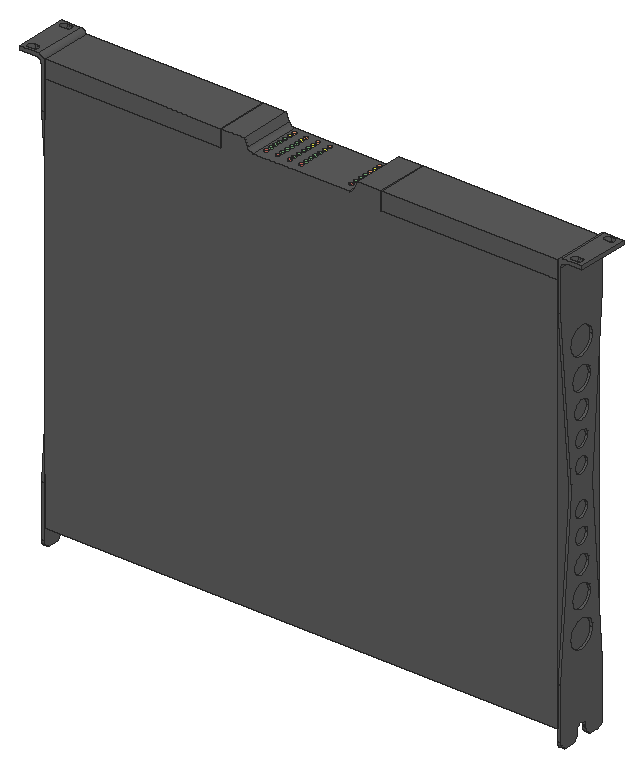
Revit family "Electronics_Community_Biamp_Dante-Amplified-Loudspeaker-Controllers_ALC-404D", category Communication Devices, host Face, Revit 2020
Family settings
  Host = Face
  Maintain Annotation Orientation = No
  Round Connector Dimension = Use Diameter
  Part Type = Normal
  OmniClass Number = 23.85.10.11.14
  OmniClass Title = Audio Equipment
  Cut with Voids When Loaded = No
  Shared = No
  Room Calculation Point = No
Parameters (values of type "ALC-404D")
  Width = 442 mm  # constant formula
  Weight = 16.0937 lbf  # constant formula
  Voltage = 240 V
  Version = 1
  URL = "https://www.biamp.com/"
  THD+N (from 0.1 W to Full Power) = "< 0.1% (typical < 0.05%)"  # constant formula
  Supported Topologies = "Star"  # constant formula
  Standards Compliance = "Auto-sensing Fast Ethernet (IEEE 802.3u, 100 Mbit/s)"  # constant formula
  Slew Rate = "> 50 V/ μs @ 8Ω, input flter bypassed"  # constant formula
  Signal-to-Noise Ratio 20 Hz- 20 kHz @ 8Ω = ">104 dB(A)"  # constant formula
  Shipping Weight = 24.9122 lbf  # constant formula
  Sample Rate Converter = "24-bit @ 44.1 kHz to 192 kHz 140 dB Dynamic Range - 0.0001 % THD+N"  # constant formula
  Remote Interface = "ArmoníaPlus® System Manager"  # constant formula
  Product data url = "https://bimobject.com/biamp/product/alc-404d_community-amplified-loudspeaker-controller"
  Product Page URL = "https://www.biamp.com/products/product-families/community/amplified-loudspeaker-controllers#alc-404d"
  Product Documentation Link = "https://downloads.biamp.com/assets/docs/default-source/data-sheets/biamp_data_sheet_community_alc_series_dec21.pdf"
  Power Factor = 1
  Output Channels = "4 Hi-Z or Lo-Z (bridgeable per ch. pair)"  # constant formula
  Operating Voltage = "60-264 V (with reduced power below 90 V)"  # constant formula
  Open control panel [instance] = not(Closed control panel)  # no
  Number of Poles = 1
  Nominal Voltage (± 10%) = "100-240 V @ 50-60Hz"  # constant formula
  Model = "ALC-404D"  # constant formula
  Memory/Presets = "128 MB (RAM) plus 512 MB fash for presets"  # constant formula
  Maximum Input Level = "20 dBu"  # constant formula
  Max Power Consumption = 251 W
  Manufacturer = "Biamp"  # constant formula
  Limiters = "TruePower™, RMS voltage,RMS current, Peak limiter"  # constant formula
  Latency = "2.5 ms fxed latency architecture"  # constant formula
  Internal Precision = "32-bit foating point"  # constant formula
  Input Sens @8Ω = "26 dB - 2.48, 29 dB - 1.76; 32 dB - 1.24; 35 dB - 0.88"  # constant formula
  Input Impedance = "20 kΩ balanced"  # constant formula
  Input Channels = "Analog - 4;Dante - 4"  # constant formula
  IMD (from 0.1 W to Full Power) = "< 0.05%"  # constant formula
  Housing Material = Biamp - Metal - Black
  Height = 44 mm  # constant formula
  Frequency Response = "20 Hz - 20 kHz ±0.5 dB, 1 W @ 8Ω"  # constant formula
  Equalizer = "Raised-cosine, custom FIR, parametric IIR:peaking, hi/lo-shelving, all-pass, band-pass, band-stop, hi/lo-pass"  # constant formula
  Description = "Amplified Loudspeaker Controllers 4-Channel Units With DSP And Dante®"  # constant formula
  Depth = 373 mm  # constant formula
  Delay = "2 s (input) + 100 ms (output) for signal alignment"  # constant formula
  Date Updated = ""
  Date Created = "2023/08/21"
  Damping Factor = "> 500 @ 8Ω, 20 Hz - 100 Hz"  # constant formula
  Damping Control = "Active DampingControl™ and LiveImpedance™ measurement"  # constant formula
  DA Converters = "24-bit Tandem™ @ 48 kHz 117 dB(A) Dynamic Range - 0.003 % THD+N"  # constant formula
  Crosstalk (1 kHz) = " -70 dB"  # constant formula
  Crossover = "Linear phase (FIR), Butterworth, Linkwitz-Riley, Bessel: 6 dB/oct to 48 dB/oct (IIR)"  # constant formula
  Connector Description = "100-240 VAC, 50/60 Hz"  # constant formula
  Closed control panel [instance] = yes
  Default Elevation = 1219.2 mm
  Apparent Load = Max Power Consumption / Power Factor  # 251 VA
  Ambient Relative Humidity = "0-95% (non-condensing)"  # constant formula
  Ambient Operating Temperature = "0° - 45° C;  32° - 113° F"  # constant formula
  AD Converters = "24-bit Tandem™ @ 48 kHz 125 dB(A) Dynamic Range - 0.005 % THD+N"  # constant formula
  AC Mains Connector = "IEC C20 inlet (20 A max) Region-specifc power cord provided"  # constant formula
Reference planes
  plane 1 "Center (Front/Back)": y = 0
  plane 2: z = 0
  plane 3 "Center (Left/Right)": x = 0
Forms (mm)
  Extrusion 1, solid, material "Biamp - Metal - Black" <- "Housing Material", detail levels coarse
    sketch origin (13.283, -17.315, 0) x (1, 0, 0) y (0, 0, 1)
      loop
        line (-3, 0) -> (-3, -373) -> (0, -373) -> (0, 3) -> (-21, 3) -> (-21, 0) -> (-3, 0)
      loop
        line (439, 0) -> (457, 0) -> (457, 3) -> (436, 3) -> (436, -373) -> (439, -373) -> (439, 0)
    from -22 to 22
  Extrusion 2, void
    sketch origin (13.283, -17.315, 0) x (1, 0, 0) y (0, 1, 0)
      loop
        arc (-15.029, 20.217) -> (-17.932, 17.315) -> (-15.029, 14.412) r 2.903
        line (-15.029, 14.412) -> (-11.537, 14.412)
        arc (-11.537, 14.412) -> (-8.634, 17.315) -> (-11.537, 20.217) r 2.903
        line (-11.537, 20.217) -> (-15.029, 20.217)
      loop
        line (-15.029, -20.217) -> (-11.537, -20.217)
        arc (-11.537, -20.217) -> (-8.634, -17.315) -> (-11.537, -14.412) r 2.903
        line (-11.537, -14.412) -> (-15.029, -14.412)
        arc (-15.029, -14.412) -> (-17.932, -17.315) -> (-15.029, -20.217) r 2.903
      loop
        line (451.029, 20.217) -> (447.537, 20.217)
        arc (447.537, 20.217) -> (444.634, 17.315) -> (447.537, 14.412) r 2.903
        line (447.537, 14.412) -> (451.029, 14.412)
        arc (451.029, 14.412) -> (453.932, 17.315) -> (451.029, 20.217) r 2.903
      loop
        arc (451.029, -20.217) -> (453.932, -17.315) -> (451.029, -14.412) r 2.903
        line (451.029, -14.412) -> (447.537, -14.412)
        arc (447.537, -14.412) -> (444.634, -17.315) -> (447.537, -20.217) r 2.903
        line (447.537, -20.217) -> (451.029, -20.217)
    from -10.498 to 3
  Extrusion 3, solid, material "Biamp - Metal - Black" <- "Housing Material", detail levels medium+fine
    sketch origin (13.283, -17.315, 0) x (1, 0, 0) y (0, 0, 1)
      loop
        line (-3, -5) -> (-3, -373) -> (0, -373) -> (0, -2)
        arc (0, -2) -> (-1.464, 1.536) -> (-5, 3) r 5
        line (-5, 3) -> (-21, 3) -> (-21, 0) -> (-8, 0)
        arc (-8, 0) -> (-4.464, -1.464) -> (-3, -5) r 5
      loop
        arc (439, -5) -> (440.464, -1.464) -> (444, 0) r 5
        line (444, 0) -> (457, 0) -> (457, 3) -> (441, 3)
        arc (441, 3) -> (437.464, 1.536) -> (436, -2) r 5
        line (436, -2) -> (436, -373) -> (439, -373) -> (439, -5)
    from -22 to 22
  Extrusion 4, void
    sketch origin (0, 0, 0) x (0, 1, 0) y (0, 0, 1)
      loop
        arc (4.685, -40) -> (-6.911, -181.5) -> (4.685, -323) r 869.15
        line (4.685, -323) -> (4.685, -40)
      loop
        line (-39.315, -40) -> (-39.315, -323)
        arc (-39.315, -323) -> (-27.719, -181.5) -> (-39.315, -40) r 869.15
      loop
        circle (-17.315, -164.722) r 7
      loop
        circle (-17.315, -144.465) r 7
      loop
        circle (-17.315, -122.509) r 8
      loop
        circle (-17.315, -98.493) r 10
      loop
        circle (-17.315, -69.752) r 12
      loop
        circle (-17.315, -198.278) r 7
      loop
        circle (-17.315, -218.535) r 7
      loop
        circle (-17.315, -240.491) r 8
      loop
        circle (-17.315, -264.507) r 10
      loop
        circle (-17.315, -293.248) r 12
      loop
        arc (-33.315, -373) -> (-37.558, -371.243) -> (-39.315, -367) r 6
        line (-39.315, -367) -> (-39.315, -375.253) -> (4.685, -375.253) -> (4.685, -367)
        arc (4.685, -367) -> (2.928, -371.243) -> (-1.315, -373) r 6
        line (-1.315, -373) -> (-6.315, -373)
        arc (-6.315, -373) -> (-10.558, -371.243) -> (-12.315, -367) r 6
        line (-12.315, -367) -> (-12.315, -365.5)
        arc (-12.315, -365.5) -> (-17.315, -360.5) -> (-22.315, -365.5) r 5
        line (-22.315, -365.5) -> (-22.315, -367)
        arc (-22.315, -367) -> (-24.072, -371.243) -> (-28.315, -373) r 6
        line (-28.315, -373) -> (-33.315, -373)
    from 0 to 452.283
  Extrusion 5, solid, material "Biamp - Metal - Black" <- "Housing Material"
    sketch origin (0, 0, 0) x (1, 0, 0) y (0, 0, 1)
      loop
        line (13.283, -15) -> (13.283, -357) -> (449.283, -357) -> (449.283, -15) -> (299.283, -15) -> (299.283, 0) -> (279.283, 0) -> (276.679, -6.444)
        arc (276.679, -6.444) -> (274.839, -8.716) -> (272.043, -9.571) r 5
        line (272.043, -9.571) -> (190.522, -9.571)
        arc (190.522, -9.571) -> (187.727, -8.716) -> (185.887, -6.444) r 5
        line (185.887, -6.444) -> (183.283, 0) -> (163.283, 0) -> (163.283, -15) -> (13.283, -15)
    from -4.685 to 39.315
  Extrusion 6, void
    sketch origin (0, 0, 0) x (1, 0, 0) y (0, 0, 1)
      loop
        line (13.283, -15) -> (13.283, -23.75) -> (49.418, -23.75)
        arc (49.418, -23.75) -> (57.218, -21.357) -> (62.334, -15) r 13.908
        line (62.334, -15) -> (13.283, -15)
    from 2.903 to 31.727
  Extrusion 7, solid, material "Biamp - Metal - Black" <- "Housing Material"
    sketch origin (449.283, -17.315, 3) x (0, 0, -1) y (0, -1, 0)
      loop
        line (18, -22) -> (18, -21) -> (4, -21) -> (4, 21) -> (18, 21) -> (18, 22) -> (3, 22) -> (3, -22) -> (18, -22)
    from 0 to 150
  Extrusion 8, void
    sketch origin (13.283, 0, -23.75) x (1, 0, 0) y (0, 1, 0)
      loop
        line (19.04, -19.656) -> (19.04, -27.656) -> (31.04, -27.656) -> (31.04, -19.656) -> (19.04, -19.656)
    from -3.386 to 0
  Extrusion 9, solid, material "Biamp - Metal - Black" <- "Housing Material", visible <- "Closed control panel"
    sketch origin (13.283, -17.315, 3) x (0, 0, -1) y (0, 1, 0)
      loop
        line (18, 22) -> (3, 22) -> (3, -22) -> (18, -22) -> (18, -21) -> (4, -21) -> (4, 21) -> (18, 21) -> (18, 22)
    from 0 to 150
  Extrusion 10, solid, material "Biamp - Plastic - Blue"
    sketch origin (18.908, 0, -15) x (1, 0, 0) y (0, 1, 0)
      loop
        circle (68.38, -26.221) r 5
      loop
        circle (82.13, -26.221) r 5
      loop
        circle (95.88, -26.221) r 5
      loop
        circle (109.63, -26.221) r 5
    from -1.651 to 1
  Extrusion 11, void
    sketch origin (93.283, 0, -357) x (0, 1, 0) y (1, 0, 0)
      loop
        line (-8.944, 340.535) -> (-25.686, 340.535)
        arc (-25.686, 340.535) -> (-29.221, 339.07) -> (-30.686, 335.535) r 5
        line (-30.686, 335.535) -> (-30.686, 313.66)
        arc (-30.686, 313.66) -> (-29.221, 310.124) -> (-25.686, 308.66) r 5
        line (-25.686, 308.66) -> (-8.944, 308.66)
        arc (-8.944, 308.66) -> (-5.408, 310.124) -> (-3.944, 313.66) r 5
        line (-3.944, 313.66) -> (-3.944, 335.535)
        arc (-3.944, 335.535) -> (-5.408, 339.07) -> (-8.944, 340.535) r 5
      loop
        line (-19.863, -58.78) -> (-19.863, -38.78) -> (-34.863, -38.78) -> (-34.863, -58.78) -> (-19.863, -58.78)
      loop
        line (-19.863, -24.895) -> (-19.863, -4.895) -> (-34.863, -4.895) -> (-34.863, -24.895) -> (-19.863, -24.895)
      loop
        line (-11.738, 53.136) -> (-11.738, 24.636)
        arc (-11.738, 24.636) -> (-12.324, 23.222) -> (-13.738, 22.636) r 2
        line (-13.738, 22.636) -> (-25.757, 22.636)
        arc (-25.757, 22.636) -> (-27.171, 23.222) -> (-27.757, 24.636) r 2
        line (-27.757, 24.636) -> (-27.757, 53.136)
        arc (-27.757, 53.136) -> (-27.171, 54.55) -> (-25.757, 55.136) r 2
        line (-25.757, 55.136) -> (-13.813, 55.136)
        arc (-13.813, 55.136) -> (-12.399, 54.55) -> (-11.813, 53.136) r 2
      loop
        line (-21.752, 162.208) -> (-21.752, 133.708)
        arc (-21.752, 133.708) -> (-22.337, 132.294) -> (-23.752, 131.708) r 2
        line (-23.752, 131.708) -> (-33.895, 131.708)
        arc (-33.895, 131.708) -> (-35.31, 132.294) -> (-35.895, 133.708) r 2
        line (-35.895, 133.708) -> (-35.895, 162.208)
        arc (-35.895, 162.208) -> (-35.31, 163.622) -> (-33.895, 164.208) r 2
        line (-33.895, 164.208) -> (-23.826, 164.208)
        arc (-23.826, 164.208) -> (-22.412, 163.622) -> (-21.826, 162.208) r 2
      loop
        line (-21.752, 170.026) -> (-21.752, 198.526)
        arc (-21.752, 198.526) -> (-22.337, 199.94) -> (-23.752, 200.526) r 2
        line (-23.752, 200.526) -> (-33.895, 200.526)
        arc (-33.895, 200.526) -> (-35.31, 199.94) -> (-35.895, 198.526) r 2
        line (-35.895, 198.526) -> (-35.895, 170.026)
        arc (-35.895, 170.026) -> (-35.31, 168.612) -> (-33.895, 168.026) r 2
        line (-33.895, 168.026) -> (-23.826, 168.026)
        arc (-23.826, 168.026) -> (-22.412, 168.612) -> (-21.826, 170.026) r 2
    from -7.387 to 0
  Sweep 12, solid, material "Biamp - Plastic - Blue"
    path in 3D
      loop
        arc (433.818, -25.686, -349.613) -> (432.353, -29.221, -349.613) -> (428.818, -30.686, -349.613) r 5
        line (428.818, -30.686, -349.613) -> (406.943, -30.686, -349.613)
        arc (406.943, -30.686, -349.613) -> (403.407, -29.221, -349.613) -> (401.943, -25.686, -349.613) r 5
        line (401.943, -25.686, -349.613) -> (401.943, -8.944, -349.613)
        arc (401.943, -8.944, -349.613) -> (403.407, -5.408, -349.613) -> (406.943, -3.944, -349.613) r 5
        line (406.943, -3.944, -349.613) -> (428.818, -3.944, -349.613)
        arc (428.818, -3.944, -349.613) -> (432.353, -5.408, -349.613) -> (433.818, -8.944, -349.613) r 5
        line (433.818, -8.944, -349.613) -> (433.818, -25.686, -349.613)
    profile origin (433.818, -17.315, -349.613) x (-1, 0, 0) y (0, 0, -1)
      loop
        line (0, 0) -> (0.894, 0) -> (0.894, 9.233) -> (-0.711, 9.233)
        arc (-0.711, 9.233) -> (-1.86, 8.654) -> (-2.078, 7.387) r 1.429
        line (-2.078, 7.387) -> (0, 7.387) -> (0, 0)
  Extrusion 13, solid, material "Biamp - Plastic - Green"
    sketch origin (93.283, 0, -357) x (0, 1, 0) y (1, 0, 0)
      loop
        line (-8.613, -58.78) -> (-1.039, -58.78) -> (-1.039, -31.838) -> (-8.613, -31.838) -> (-8.613, -58.78)
    from 0 to 3
  Extrusion 14, solid, material "Biamp - Plastic - Green"
    sketch origin (29.608, 0, -357) x (0, -1, 0) y (-1, 0, 0)
      loop
        line (8.613, -58.78) -> (8.613, -31.838) -> (1.039, -31.838) -> (1.039, -58.78) -> (8.613, -58.78)
    from 0 to 3
  Extrusion 15, solid, material "Biamp - Plastic - Green"
    sketch origin (87.446, 0, -357) x (0, -1, 0) y (-1, 0, 0)
      loop
        line (8.613, -54.585) -> (8.613, -34.86) -> (1.039, -34.86) -> (1.039, -54.585) -> (8.613, -54.585)
    from 0 to 3
  Extrusion 16, solid, material "Biamp - Plastic - Green"
    sketch origin (127.496, -5.13, -357) x (0, -1, 0) y (-1, 0, 0)
      loop
        line (8.613, -58.78) -> (8.613, -31.838) -> (1.039, -31.838) -> (1.039, -58.78) -> (8.613, -58.78)
    from 0 to 3
  Extrusion 17, solid, material "Biamp - Plastic - Green"
    sketch origin (127.496, -20.13, -357) x (0, -1, 0) y (-1, 0, 0)
      loop
        line (8.613, -58.78) -> (8.613, -31.838) -> (1.039, -31.838) -> (1.039, -58.78) -> (8.613, -58.78)
    from 0 to 3
  Extrusion 18, solid, material "Biamp - Plastic - Green"
    sketch origin (154.438, -5.13, -357) x (0, -1, 0) y (-1, 0, 0)
      loop
        line (8.613, -58.78) -> (8.613, -31.838) -> (1.039, -31.838) -> (1.039, -58.78) -> (8.613, -58.78)
    from 0 to 3
  Extrusion 19, solid, material "Biamp - Plastic - Green"
    sketch origin (154.438, -20.13, -357) x (0, -1, 0) y (-1, 0, 0)
      loop
        line (8.613, -58.78) -> (8.613, -31.838) -> (1.039, -31.838) -> (1.039, -58.78) -> (8.613, -58.78)
    from 0 to 3
  Extrusion 20, solid, material "Biamp - Plastic - Green"
    sketch origin (191.245, -2.513, -357) x (0, -1, 0) y (-1, 0, 0)
      loop
        line (14.863, -68.155) -> (14.863, -31.838) -> (1.039, -31.838) -> (1.039, -68.155) -> (14.863, -68.155)
    from 0 to 3
  Extrusion 21, solid, material "Biamp - Plastic - Green"
    sketch origin (227.562, -2.513, -357) x (0, -1, 0) y (-1, 0, 0)
      loop
        line (14.863, -68.155) -> (14.863, -31.838) -> (1.039, -31.838) -> (1.039, -68.155) -> (14.863, -68.155)
    from 0 to 3
  Extrusion 22, void
    sketch origin (319.472, -15.155, -357) x (0, -1, 0) y (-1, 0, 0)
      loop
        line (19.863, -65.155) -> (19.863, -55.655) -> (5.951, -55.655) -> (5.951, -68.155) -> (16.863, -68.155)
        arc (16.863, -68.155) -> (18.985, -67.276) -> (19.863, -65.155) r 3
      loop
        line (-5.961, -68.155) -> (4.951, -68.155) -> (4.951, -55.655) -> (-8.961, -55.655) -> (-8.961, -65.155)
        arc (-8.961, -65.155) -> (-8.082, -67.276) -> (-5.961, -68.155) r 3
      loop
        line (-8.961, -6.155) -> (-8.961, -15.655) -> (4.951, -15.655) -> (4.951, -3.155) -> (-5.961, -3.155)
        arc (-5.961, -3.155) -> (-8.082, -4.034) -> (-8.961, -6.155) r 3
      loop
        line (16.863, -3.155) -> (5.951, -3.155) -> (5.951, -15.655) -> (19.863, -15.655) -> (19.863, -6.155)
        arc (19.863, -6.155) -> (18.985, -4.034) -> (16.863, -3.155) r 3
      loop
        line (19.863, -54.655) -> (19.863, -42.655) -> (5.951, -42.655) -> (5.951, -54.655) -> (19.863, -54.655)
      loop
        line (19.863, -41.655) -> (19.863, -29.655) -> (5.951, -29.655) -> (5.951, -41.655) -> (19.863, -41.655)
      loop
        line (19.863, -28.655) -> (19.863, -16.655) -> (5.951, -16.655) -> (5.951, -28.655) -> (19.863, -28.655)
      loop
        line (4.951, -54.655) -> (4.951, -42.655) -> (-8.961, -42.655) -> (-8.961, -54.655) -> (4.951, -54.655)
      loop
        line (4.951, -41.655) -> (4.951, -29.655) -> (-8.961, -29.655) -> (-8.961, -41.655) -> (4.951, -41.655)
      loop
        line (4.951, -28.655) -> (4.951, -16.655) -> (-8.961, -16.655) -> (-8.961, -28.655) -> (4.951, -28.655)
    from -23.564 to 2
  Extrusion 23, void
    sketch origin (18.908, 0, -15) x (1, 0, 0) y (0, 1, 0)
      loop
        circle (68.38, -26.221) r 5.2
      loop
        circle (82.13, -26.221) r 5.2
      loop
        circle (95.88, -26.221) r 5.2
      loop
        circle (109.63, -26.221) r 5.2
    from -1.651 to 2
  Extrusion 24, solid, material "Biamp - Plastic - White"
    sketch origin (93.283, 0, -349.613) x (-1, 0, 0) y (0, 1, 0)
      loop
        arc (-49.948, -21.57) -> (-49.655, -22.277) -> (-48.948, -22.57) r 1
        line (-48.948, -22.57) -> (-28.823, -22.57)
        arc (-28.823, -22.57) -> (-28.116, -22.277) -> (-27.823, -21.57) r 1
        line (-27.823, -21.57) -> (-27.823, -17.926)
        arc (-27.823, -17.926) -> (-28.116, -17.219) -> (-28.823, -16.926) r 1
        line (-28.823, -16.926) -> (-48.948, -16.926)
        arc (-48.948, -16.926) -> (-49.655, -17.219) -> (-49.948, -17.926) r 1
        line (-49.948, -17.926) -> (-49.948, -21.57)
      loop
        arc (-159.021, -30.645) -> (-158.728, -31.353) -> (-158.021, -31.645) r 1
        line (-158.021, -31.645) -> (-137.896, -31.645)
        arc (-137.896, -31.645) -> (-137.189, -31.353) -> (-136.896, -30.645) r 1
        line (-136.896, -30.645) -> (-136.896, -27.002)
        arc (-136.896, -27.002) -> (-137.189, -26.295) -> (-137.896, -26.002) r 1
        line (-137.896, -26.002) -> (-158.021, -26.002)
        arc (-158.021, -26.002) -> (-158.728, -26.295) -> (-159.021, -27.002) r 1
        line (-159.021, -27.002) -> (-159.021, -30.645)
      loop
        arc (-195.338, -30.645) -> (-195.045, -31.353) -> (-194.338, -31.645) r 1
        line (-194.338, -31.645) -> (-174.213, -31.645)
        arc (-174.213, -31.645) -> (-173.506, -31.353) -> (-173.213, -30.645) r 1
        line (-173.213, -30.645) -> (-173.213, -27.002)
        arc (-173.213, -27.002) -> (-173.506, -26.295) -> (-174.213, -26.002) r 1
        line (-174.213, -26.002) -> (-194.338, -26.002)
        arc (-194.338, -26.002) -> (-195.045, -26.295) -> (-195.338, -27.002) r 1
        line (-195.338, -27.002) -> (-195.338, -30.645)
    from 0 to 2.226
  Extrusion 25, solid, material "Biamp - Plastic - Orange", detail levels medium+fine
    sketch origin (190.354, 3.125, -9.571) x (1, 0, 0) y (0, 1, 0)
      loop
        circle (4.333, -3.944) r 1.5
      loop
        circle (14.333, -3.944) r 1.5
      loop
        circle (24.333, -3.944) r 1.5
      loop
        circle (34.333, -3.944) r 1.5
    from 0 to 0.3
  Extrusion 26, solid, material "Biamp - Plastic - Yellow", detail levels medium+fine
    sketch origin (190.354, -1.875, -9.571) x (1, 0, 0) y (0, 1, 0)
      loop
        circle (4.333, -3.944) r 1.5
      loop
        circle (14.333, -3.944) r 1.5
      loop
        circle (24.333, -3.944) r 1.5
      loop
        circle (34.333, -3.944) r 1.5
    from 0 to 0.3
  Extrusion 27, solid, material "Biamp - Plastic - Green", detail levels medium+fine
    sketch origin (190.354, -6.875, -9.571) x (1, 0, 0) y (0, 1, 0)
      loop
        circle (4.333, -3.944) r 1.5
      loop
        circle (14.333, -3.944) r 1.5
      loop
        circle (24.333, -3.944) r 1.5
      loop
        circle (34.333, -3.944) r 1.5
    from 0 to 0.3
  Extrusion 28, solid, material "Biamp - Plastic - Green", detail levels medium+fine
    sketch origin (190.354, -11.875, -9.571) x (1, 0, 0) y (0, 1, 0)
      loop
        circle (4.333, -3.944) r 1.5
      loop
        circle (14.333, -3.944) r 1.5
      loop
        circle (24.333, -3.944) r 1.5
      loop
        circle (34.333, -3.944) r 1.5
    from 0 to 0.3
  Extrusion 29, solid, material "Biamp - Plastic - Green", detail levels medium+fine
    sketch origin (190.354, -16.875, -9.571) x (1, 0, 0) y (0, 1, 0)
      loop
        circle (4.333, -3.944) r 1.5
      loop
        circle (14.333, -3.944) r 1.5
      loop
        circle (24.333, -3.944) r 1.5
      loop
        circle (34.333, -3.944) r 1.5
    from 0 to 0.3
  Extrusion 30, solid, material "Biamp - Plastic - Green", detail levels medium+fine
    sketch origin (190.354, -21.875, -9.571) x (1, 0, 0) y (0, 1, 0)
      loop
        circle (4.333, -3.944) r 1.5
      loop
        circle (14.333, -3.944) r 1.5
      loop
        circle (24.333, -3.944) r 1.5
      loop
        circle (34.333, -3.944) r 1.5
    from 0 to 0.3
  Extrusion 31, solid, material "Biamp - Plastic - Red", detail levels medium+fine
    sketch origin (190.354, -26.875, -9.571) x (1, 0, 0) y (0, 1, 0)
      loop
        circle (4.333, -3.944) r 1.5
      loop
        circle (14.333, -3.944) r 1.5
      loop
        circle (24.333, -3.944) r 1.5
      loop
        circle (34.333, -3.944) r 1.5
    from 0 to 0.3
  Extrusion 32, solid, material "Biamp - Plastic - Green", detail levels medium+fine
    sketch origin (190.354, 3.125, -9.571) x (1, 0, 0) y (0, 1, 0)
      loop
        circle (76.833, -18.944) r 1.5
      loop
        circle (76.833, -23.944) r 1.5
      loop
        circle (76.833, -28.944) r 1.5
    from 0 to 0.3
  Extrusion 33, solid, material "Biamp - Plastic - Orange", detail levels medium+fine
    sketch origin (190.354, 3.125, -9.571) x (1, 0, 0) y (0, 1, 0)
      loop
        circle (76.833, -3.944) r 1.5
      loop
        circle (76.833, -13.944) r 1.5
    from 0 to 0.3
  Extrusion 34, solid, material "Biamp - Plastic - Yellow", detail levels medium+fine
    sketch origin (190.354, 3.125, -9.571) x (1, 0, 0) y (0, 1, 0)
      loop
        circle (76.833, -8.944) r 1.5
    from 0 to 0.3
  Extrusion 35, solid, material "Biamp - Plastic - Red", detail levels medium+fine
    sketch origin (190.354, 3.125, -9.571) x (1, 0, 0) y (0, 1, 0)
      loop
        circle (76.833, -33.944) r 1.5
    from 0 to 0.3
Cuts and joins
  Extrusion 2 cuts Extrusion 1
  Extrusion 2, Extrusion 4 cuts Extrusion 3
  Extrusion 6, Extrusion 8, Extrusion 11, Extrusion 22, Extrusion 23 cuts Extrusion 5
Lines and regions (mm)
  Masking region 1
    outline origin (0, 0, 0) x (1, 0, 0) y (0, 1, 0)
      loop
        line (-7.717, 4.685) -> (-7.717, -39.315) -> (13.283, -39.315) -> (13.283, 4.685) -> (-7.717, 4.685)
      loop
        line (1.746, 2.903) -> (-1.746, 2.903)
        arc (-1.746, 2.903) -> (-4.649, 0) -> (-1.746, -2.903) r 2.903
        line (-1.746, -2.903) -> (1.746, -2.903)
        arc (1.746, -2.903) -> (4.649, 0) -> (1.746, 2.903) r 2.903
      loop
        line (1.746, -31.727) -> (-1.746, -31.727)
        arc (-1.746, -31.727) -> (-4.649, -34.63) -> (-1.746, -37.532) r 2.903
        line (-1.746, -37.532) -> (1.746, -37.532)
        arc (1.746, -37.532) -> (4.649, -34.63) -> (1.746, -31.727) r 2.903
      loop
        line (470.283, 4.685) -> (449.283, 4.685) -> (449.283, -39.315) -> (470.283, -39.315) -> (470.283, 4.685)
      loop
        arc (460.82, 2.903) -> (457.917, 0) -> (460.82, -2.903) r 2.903
        line (460.82, -2.903) -> (464.312, -2.903)
        arc (464.312, -2.903) -> (467.215, 0) -> (464.312, 2.903) r 2.903
        line (464.312, 2.903) -> (460.82, 2.903)
      loop
        arc (460.82, -31.727) -> (457.917, -34.63) -> (460.82, -37.532) r 2.903
        line (460.82, -37.532) -> (464.312, -37.532)
        arc (464.312, -37.532) -> (467.215, -34.63) -> (464.312, -31.727) r 2.903
        line (464.312, -31.727) -> (460.82, -31.727)
  Masking region 2, visible <- "Closed control panel"
    outline origin (0, 0, 0) x (1, 0, 0) y (0, 1, 0)
      loop
        line (13.283, 4.685) -> (13.283, -39.315) -> (163.283, -39.315) -> (163.283, 4.685) -> (13.283, 4.685)
  Masking region 3
    outline origin (0, 0, 0) x (1, 0, 0) y (0, 1, 0)
      loop
        line (163.283, 4.685) -> (163.283, -39.315) -> (183.283, -39.315) -> (183.283, 4.685) -> (163.283, 4.685)
      loop
        line (279.283, 4.685) -> (279.283, -39.315) -> (299.283, -39.315) -> (299.283, 4.685) -> (279.283, 4.685)
  Masking region 4
    outline origin (0, 0, 0) x (1, 0, 0) y (0, 1, 0)
      loop
        line (183.283, 4.685) -> (183.283, -39.315) -> (279.283, -39.315) -> (279.283, 4.685) -> (183.283, 4.685)
  Masking region 5
    outline origin (0, 0, 0) x (1, 0, 0) y (0, 1, 0)
      loop
        line (299.283, 4.685) -> (299.283, -39.315) -> (449.283, -39.315) -> (449.283, 4.685) -> (299.283, 4.685)
  Masking region 6, visible <- "Open control panel"
    outline origin (0, 0, 0) x (1, 0, 0) y (0, 1, 0)
      loop
        line (13.283, -2.903) -> (13.283, -31.727) -> (62.334, -31.727) -> (62.334, -2.903) -> (13.283, -2.903)
      loop
        line (32.323, -19.656) -> (32.323, -27.656) -> (44.323, -27.656) -> (44.323, -19.656) -> (32.323, -19.656)
      loop
        circle (87.288, -26.221) r 5.2
      loop
        circle (101.038, -26.221) r 5.2
      loop
        circle (114.788, -26.221) r 5.2
      loop
        circle (128.538, -26.221) r 5.2
  Masking region 7, visible <- "Open control panel"
    outline origin (0, 0, 0) x (1, 0, 0) y (0, 1, 0)
      loop
        line (32.323, -19.656) -> (32.323, -27.656) -> (44.323, -27.656) -> (44.323, -19.656) -> (32.323, -19.656)
  Masking region 8, visible <- "Open control panel"
    outline origin (0, 0, 0) x (1, 0, 0) y (0, 1, 0)
      loop
        line (13.283, 4.685) -> (13.283, -2.903) -> (62.334, -2.903) -> (62.334, -31.727) -> (13.283, -31.727) -> (13.283, -39.315) -> (163.283, -39.315) -> (163.283, 4.685) -> (13.283, 4.685)
      loop
        circle (87.288, -26.221) r 5.2
      loop
        circle (101.038, -26.221) r 5.2
      loop
        circle (114.788, -26.221) r 5.2
      loop
        circle (128.538, -26.221) r 5.2
  Masking region 9, detail levels coarse
    outline origin (0, 0, 0) x (1, 0, 0) y (0, 0, 1)
      loop
        line (470.283, 0) -> (470.283, 3) -> (449.283, 3) -> (449.283, -373) -> (452.283, -373) -> (452.283, 0) -> (470.283, 0)
      loop
        line (10.283, 0) -> (10.283, -373) -> (13.283, -373) -> (13.283, 3) -> (-7.717, 3) -> (-7.717, 0) -> (10.283, 0)
  Masking region 10
    outline origin (0, 0, 0) x (1, 0, 0) y (0, 0, 1)
      loop
        line (449.283, 0) -> (13.283, 0) -> (13.283, -357) -> (449.283, -357) -> (449.283, 0)
  Masking region 11, detail levels medium+fine
    outline origin (0, 0, 0) x (1, 0, 0) y (0, 0, 1)
      loop
        line (452.283, -373) -> (452.283, -5)
        arc (452.283, -5) -> (453.747, -1.464) -> (457.283, 0) r 5
        line (457.283, 0) -> (470.283, 0) -> (470.283, 3) -> (454.283, 3)
        arc (454.283, 3) -> (450.747, 1.536) -> (449.283, -2) r 5
        line (449.283, -2) -> (449.283, -373) -> (452.283, -373)
      loop
        line (10.283, -373) -> (13.283, -373) -> (13.283, -2)
        arc (13.283, -2) -> (11.819, 1.536) -> (8.283, 3) r 5
        line (8.283, 3) -> (-7.717, 3) -> (-7.717, 0) -> (5.283, 0)
        arc (5.283, 0) -> (8.819, -1.464) -> (10.283, -5) r 5
        line (10.283, -5) -> (10.283, -373)
  sketch lines
    curve 1: line (433.818, -8.944, -349.613) -> (433.818, -25.686, -349.613)
    curve 2: arc (433.818, -8.944, -349.613) -> (432.353, -5.408, -349.613) -> (428.818, -3.944, -349.613) r 5
    curve 3: line (406.943, -3.944, -349.613) -> (428.818, -3.944, -349.613)
    curve 4: arc (406.943, -3.944, -349.613) -> (403.407, -5.408, -349.613) -> (401.943, -8.944, -349.613) r 5
    curve 5: line (401.943, -25.686, -349.613) -> (401.943, -8.944, -349.613)
    curve 6: arc (401.943, -25.686, -349.613) -> (403.407, -29.221, -349.613) -> (406.943, -30.686, -349.613) r 5
    curve 7: line (428.818, -30.686, -349.613) -> (406.943, -30.686, -349.613)
    curve 8: arc (428.818, -30.686, -349.613) -> (432.353, -29.221, -349.613) -> (433.818, -25.686, -349.613) r 5
Dimensions and locks
  aligned and locked: plane 2 to host face
  aligned and locked: level to host face
Connectors
  electrical at (38.323, -23.656, -27.136)
    settings: on cut or joined group of Extrusion 5, Extrusion 6, Extrusion 8, Extrusion 11, Extrusion 22, Extrusion 23, index 1, voltage 0 V, apparent load 0 VA, apparent load phase1 0 VA, apparent load phase2 0 VA, apparent load phase3 0 VA, power factor 1, load classification "Other", number of poles 1, system type 5, power factor state 1, is connector primary yes, connector utility no, sub classification motor no, connector description "Reserved For Service Operations connector"
  electrical at (417.88, -17.315, -349.613), driven by "Number of Poles", driven by "Voltage", driven by "Apparent Load", driven by "Power Factor"
    settings: on Sweep 12, index 2, voltage 240 V, apparent load 251 VA, apparent load phase1 0 VA, apparent load phase2 0 VA, apparent load phase3 0 VA, power factor 1, load classification "Other", number of poles 1, system type 30, power factor state 1, is connector primary no, connector utility no, sub classification motor no, connector description "Power connector, 240V"
  electrical at (277.559, -10.465, -360)
    settings: on Extrusion 21, index 3, voltage 0 V, apparent load 0 VA, apparent load phase1 0 VA, apparent load phase2 0 VA, apparent load phase3 0 VA, power factor 1, load classification "Other", number of poles 1, system type 5, power factor state 1, is connector primary no, connector utility no, sub classification motor no, connector description "Output Connector"
  electrical at (241.241, -10.465, -360)
    settings: on Extrusion 20, index 4, voltage 0 V, apparent load 0 VA, apparent load phase1 0 VA, apparent load phase2 0 VA, apparent load phase3 0 VA, power factor 1, load classification "Other", number of poles 1, system type 5, power factor state 1, is connector primary no, connector utility no, sub classification motor no, connector description "Output Connector"
  electrical at (277.559, -28.824, -351.839)
    settings: on Extrusion 24, index 5, voltage 0 V, apparent load 0 VA, apparent load phase1 0 VA, apparent load phase2 0 VA, apparent load phase3 0 VA, power factor 1, load classification "Other", number of poles 1, system type 5, power factor state 1, is connector primary no, connector utility no, sub classification motor no, connector description "Output Configuration Dip Switches connector"
  electrical at (241.241, -28.824, -351.839)
    settings: on Extrusion 24, index 6, voltage 0 V, apparent load 0 VA, apparent load phase1 0 VA, apparent load phase2 0 VA, apparent load phase3 0 VA, power factor 1, load classification "Other", number of poles 1, system type 5, power factor state 1, is connector primary no, connector utility no, sub classification motor no, connector description "Output Configuration Dip Switches connector"
  electrical at (199.747, -9.956, -360)
    settings: on Extrusion 18, index 7, voltage 0 V, apparent load 0 VA, apparent load phase1 0 VA, apparent load phase2 0 VA, apparent load phase3 0 VA, power factor 1, load classification "Other", number of poles 1, system type 5, power factor state 1, is connector primary no, connector utility no, sub classification motor no, connector description "Remote Level Connector"
  electrical at (172.805, -9.956, -360)
    settings: on Extrusion 16, index 8, voltage 0 V, apparent load 0 VA, apparent load phase1 0 VA, apparent load phase2 0 VA, apparent load phase3 0 VA, power factor 1, load classification "Other", number of poles 1, system type 5, power factor state 1, is connector primary no, connector utility no, sub classification motor no, connector description "Remote Level Connector"
  electrical at (199.747, -24.956, -360)
    settings: on Extrusion 19, index 9, voltage 0 V, apparent load 0 VA, apparent load phase1 0 VA, apparent load phase2 0 VA, apparent load phase3 0 VA, power factor 1, load classification "Other", number of poles 1, system type 5, power factor state 1, is connector primary no, connector utility no, sub classification motor no, connector description "Line Input Connector"
  electrical at (172.805, -24.956, -360)
    settings: on Extrusion 17, index 10, voltage 0 V, apparent load 0 VA, apparent load phase1 0 VA, apparent load phase2 0 VA, apparent load phase3 0 VA, power factor 1, load classification "Other", number of poles 1, system type 5, power factor state 1, is connector primary no, connector utility no, sub classification motor no, connector description "Line Input Connector"
  electrical at (132.169, -4.826, -360)
    settings: on Extrusion 15, index 11, voltage 0 V, apparent load 0 VA, apparent load phase1 0 VA, apparent load phase2 0 VA, apparent load phase3 0 VA, power factor 1, load classification "Other", number of poles 1, system type 5, power factor state 1, is connector primary no, connector utility no, sub classification motor no, connector description "Remote ON/OFF Connector"
  electrical at (132.169, -19.748, -351.839)
    settings: on Extrusion 24, index 12, voltage 0 V, apparent load 0 VA, apparent load phase1 0 VA, apparent load phase2 0 VA, apparent load phase3 0 VA, power factor 1, load classification "Other", number of poles 1, system type 5, power factor state 1, is connector primary no, connector utility no, sub classification motor no, connector description "System Configuration Dip Switches connector"
  electrical at (74.917, -4.826, -360)
    settings: on Extrusion 14, index 13, voltage 0 V, apparent load 0 VA, apparent load phase1 0 VA, apparent load phase2 0 VA, apparent load phase3 0 VA, power factor 1, load classification "Other", number of poles 1, system type 5, power factor state 1, is connector primary no, connector utility no, sub classification motor no, connector description "Alarm connector"
  electrical at (47.974, -4.826, -360)
    settings: on Extrusion 13, index 14, voltage 0 V, apparent load 0 VA, apparent load phase1 0 VA, apparent load phase2 0 VA, apparent load phase3 0 VA, power factor 1, load classification "Other", number of poles 1, system type 5, power factor state 1, is connector primary no, connector utility no, sub classification motor no, connector description "Alarm connector"
  electrical at (78.388, -27.363, -349.613)
    settings: on cut or joined group of Extrusion 5, Extrusion 6, Extrusion 8, Extrusion 11, Extrusion 22, Extrusion 23, index 15, voltage 0 V, apparent load 0 VA, apparent load phase1 0 VA, apparent load phase2 0 VA, apparent load phase3 0 VA, power factor 1, load classification "Other", number of poles 1, system type 5, power factor state 1, is connector primary no, connector utility no, sub classification motor no, connector description "RJ-45 connector"
  electrical at (44.503, -27.363, -349.613)
    settings: on cut or joined group of Extrusion 5, Extrusion 6, Extrusion 8, Extrusion 11, Extrusion 22, Extrusion 23, index 16, voltage 0 V, apparent load 0 VA, apparent load phase1 0 VA, apparent load phase2 0 VA, apparent load phase3 0 VA, power factor 1, load classification "Other", number of poles 1, system type 5, power factor state 1, is connector primary no, connector utility no, sub classification motor no, connector description "RJ-45 connector"
